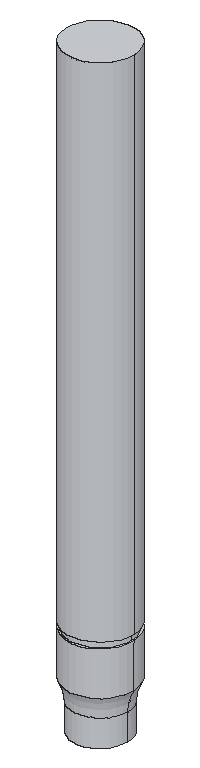
Revit family
Parameters
  URL = "www.siouxchief.com"
  Model = ""
  Manufacturer = "Sioux Chief Manufacturing"
  Length [instance] = 12.50"
  Radius [instance] = 0.69"
  Description = "Hydra-Resters Male Sweat"
  Connection Radius [instance] = 0.25"
  3/4" Neck [instance] = yes
  1/2" Neck [instance] = yes
  1" Neck [instance] = yes
Reference planes (in)
  plane 1 "Center (Front/Back)": y = 0
  plane 2: z = 0
  plane 3 "Center (Left/Right)": x = 0
  plane 4: z = 12.5
  plane 5: z = 2
  plane 6: z = 1.875
Forms (in)
  Extrusion 1, solid
    sketch origin (0.005, 0, -7.11) x (1, 0, 0) y (0, 1, 0)
      loop
        circle (-0.0025, 0) r 0.6875
    from 9.11 to 19.61
  Extrusion 2, solid
    sketch origin (0, 0, 0) x (1, 0, 0) y (0, 1, 0)
      loop
        circle (0, 0) r 0.64225
    from 1.875 to 2
  Extrusion 3, solid
    sketch origin (0, 0, -18.235) x (1, 0, 0) y (0, 1, 0)
      loop
        circle (0, 0) r 0.6875
    from 18.235 to 20.11
  Revolve 4, void
    sketch origin (0, 0, 0) x (1, 0, 0) y (0, 0, 1)
      loop
        line (-0.5625, 0) -> (-0.5625, 0.55054)
        arc (-0.5625, 0.55054) -> (-0.74383, 1.04661) -> (-1.20232, 1.3088) r 0.76922
        line (-1.20232, 1.3088) -> (-1.20232, 0) -> (-0.5625, 0)
      axis (0, 1.3088) -> (0, 0)
    angle from 0 to 360
Cuts and joins
  Revolve 4 cuts Extrusion 3
Dimensions and locks (in)
  "Length": plane 4 to level
  locked: plane 5 to level at 2
  "Radius": Extrusion 1 to plane 3 "Center (Left/Right)"
  locked: plane 5 to plane 6 at 0.125
  aligned and locked: plane 4 to Extrusion 1
  aligned and locked: Extrusion 1 to plane 5
  aligned and locked: Extrusion 2 to Extrusion 1
  aligned and locked: plane 6 to Extrusion 2
  aligned and locked: Extrusion 3 to plane 6
  aligned and locked: Extrusion 3 to level
Automatic sketch dimensions
  plane 1 "Center (Front/Back)" to Extrusion 1 sketch curve = 0.00"
  plane 3 "Center (Left/Right)" to Extrusion 1 sketch curve = 0.0025"
  plane 1 "Center (Front/Back)" to Extrusion 2 sketch curve = 0.00"
  Extrusion 2 sketch curve to plane 3 "Center (Left/Right)" = 0.00"
  plane 1 "Center (Front/Back)" to Extrusion 3 sketch curve = 0.00"
  Extrusion 3 sketch curve to plane 3 "Center (Left/Right)" = 0.00"
  Revolve 4 sketch curve to level = 0.00"
  Revolve 4 sketch curve to plane 3 "Center (Left/Right)" = 0.00"
  Revolve 4 sketch curve to plane 3 "Center (Left/Right)" = 0.5625"
  Revolve 4 sketch curve to Revolve 4 sketch curve = 0.63982"
  Revolve 4 sketch curve to Revolve 4 sketch curve = 0.12941"
  Revolve 4 sketch curve to level = 0.50"
  Revolve 4 sketch curve to Revolve 4 sketch curve = 0.55054"
  plane 6 to Revolve 4 sketch curve = 0.3792"
  radius of Extrusion 1 sketch curve = 0.6875"
  radius of Extrusion 2 sketch curve = 0.64225"
  radius of Extrusion 3 sketch curve = 0.6875"
Connectors (in)
  piping at (0, 0, 0)
    settings: on cut or joined group of Extrusion 3, Revolve 4, index 1, connector radius 1/2", flow factor 0, pipe flow 0 GPM, pressure drop 0.00 psi, fitting loss kfactor 0, connector angle 0.00°, fixture units 0, flow configuration 0, flow direction 1, fitting loss method 0, system type 20, connector reference index -1, connector utility 0, adjustable connector no, is connector primary yes, fitting loss table "", connector description "1\" Male Sweat"
